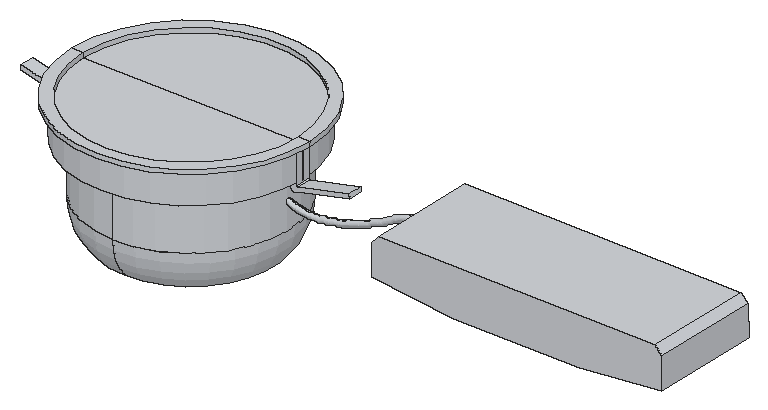
Revit family "EURS_63_LF_FB_Luxspace Mini Recessed DN561B_PHI", category Lighting Fixtures, host Face, Revit 2016
Family settings
  Host = Face
  Part Type = Normal
  Round Connector Dimension = Use Diameter
  Cut with Voids When Loaded = No
  Light Source = No
  Shared = Yes
  Room Calculation Point = No
Parameters (values of type "Type catalog")
  Width = 164 mm
  Voltage (V) = 230 V
  Visibility 2D symbol [instance] = not(Visibility 2D outline)  # yes
  Visibility 2D outline [instance] = no
  Rim height = 3 mm
  Product catalog - URL = "https://www.lighting.philips.com/main/prof/indoor-luminaires/downlights/luxspace-mini-recessed/910503586441_EU/product"
  Order code = "910503586441"
  Light source = 2 mm
  Length = Width  # 164 mm
  Last IES update = "DATE"
  Lamp type = DN561B IES Data : 1xLED8S_830 F
  Installation space height = 90 mm
  Height = 86 mm
  Fixture code = "871829193662600"
  ETIM code URL = "https://prod.etim-international.com/Class/Details?classId=EC002892&classVersion=2"
  ETIM code = "EC002892"
  EOC = "EOC CODE"
  Diameter = Length  # 164 mm
  Wattage Comments = ""
  URL = "http://www.lighting.philips.com/main/home"
  Type Comments = "Recessed"
  Model = "DN561B"
  Manufacturer = "Philips"
  Light loss factor = ""
  Lamp = "LAMP NAME"
  Initial luminous flux (lm) = ""
  Init. Corr. Color Temperature (K) = ""
  Description = "Luxspace Mini Recessed"
  Default Elevation = 0 mm
  Cut out diameter = Length - 10 mm  # 154 mm
  Content version = "1.0"
  Content modified date = "01-04-2020"
  Content creation date = "01-04-2020"
  Content Creator = "https://www.cadac.com/bimcontent"
  Ceiling thickness = 12.5 mm
  BIM Library - URL = "http://www.lighting.philips.com/main/support/support/revit-library#page=1"
  Assembly Code = ""
  Armatuurcode [instance] = ""
  Apparent Load = 18 VA
  12NC = "910503586441"
Reference planes
  plane 1 "Center (Front/Back)": y = 0
  plane 2: z = 0
  plane 3 "Center (Left/Right)": x = 0
  plane 4 "Cadac Group AEC": y = 0
  plane 5 "left": x = -82
  plane 6 "right": x = 82
  plane 7 "front": y = -82
  plane 8 "back": y = 82
  plane 9: z = -83
  plane 10: z = 3
  plane 11: z = -102.5
  plane 12: z = -12.5
  plane 13 "Light source": z = 5
  plane 14: z = -22
Forms (mm)
  Extrusion 1, void
    sketch origin (0, 0, 0) x (1, 0, 0) y (0, 1, 0)
      loop
        circle (0, 0) r 77
    from -102.5 to 0
  Revolve 2, solid
    sketch origin (0, 0, 0) x (1, 0, 0) y (0, 0, 1)
      loop
        line (0, 0) -> (0, 3) -> (-82, 3) -> (-82, 0) -> (-77, 0) -> (-77, -22) -> (0, -22) -> (0, 0)
      axis (0, 3) -> (0, -22)
    angle from 0 to 360
  Extrusion 3, solid
    sketch origin (0, 0, 0) x (1, 0, 0) y (0, 0, 1)
      loop
        line (-77, 0) -> (-77, -23.494)
        arc (-77, -23.494) -> (-77.299, -23.76) -> (-77.565, -24.059) r 3.47
        line (-77.565, -24.059) -> (-112.668, -16.035) -> (-113.337, -18.96) -> (-77.347, -27.186)
        arc (-77.347, -27.186) -> (-73.646, -27.178) -> (-74, -23.494) r 2.503
        line (-74, -23.494) -> (-74, 0) -> (-77, 0)
    from -5 to 5
  Extrusion 4, solid
    sketch origin (0, 0, 0) x (-1, 0, 0) y (0, 0, -1)
      loop
        line (-77, 0) -> (-74, 0) -> (-74, 23.494)
        arc (-74, 23.494) -> (-73.646, 27.178) -> (-77.347, 27.186) r 2.503
        line (-77.347, 27.186) -> (-113.337, 18.96) -> (-112.668, 16.035) -> (-77.565, 24.059)
        arc (-77.565, 24.059) -> (-77.299, 23.76) -> (-77, 23.494) r 3.47
        line (-77, 23.494) -> (-77, 0)
    from -5 to 5
  Revolve 5, void
    sketch origin (0, 0, 0) x (1, 0, 0) y (0, 0, 1)
      loop
        line (-74, 0) -> (0, 0) -> (0, 3) -> (-74, 3) -> (-74, 0)
      axis (0, 0) -> (0, 3)
    angle from 0 to 360
  Extrusion 6, solid
    sketch origin (0, 0, -9) x (1, 0, 0) y (0, 0, 1)
      loop
        line (154, -8.5) -> (154, -29.522) -> (210.881, -35.5) -> (297.129, -35.5) -> (354.011, -29.522) -> (354.011, -8.5) -> (349.011, -3.5) -> (159, -3.5) -> (154, -8.5)
    from 37.1 to -37.1
  Sweep 7, solid
    path origin (0, 0, -1.875) x (1, 0, 0) y (0, 0, 1)
      loop
        spline (30, -9) -> (47.93, -25.096) -> (62.517, -34.774) -> (74.586, -39.463) -> (84.961, -40.592) -> (94.465, -39.587) -> (103.789, -37.67) -> (113, -35.09) -> (121.984, -31.82) -> (130.628, -27.834) -> (138.843, -23.36) -> (146.627, -19.61) -> (154, -18.028)
    profile origin (103.789, 0, -39.545) x (-0.234913, 0, 0.972016) y (0, -1, 0)
      loop
        circle (0, 0) r 2
  Revolve 8, solid
    sketch origin (0, 0, 0) x (0, 1, 0) y (0, 0, 1)
      loop
        line (67, -27) -> (62, -27) -> (62, -22) -> (0, -22) -> (0, -83) -> (57, -83)
        arc (57, -83) -> (64.414, -70.928) -> (67, -57) r 38.8
        line (67, -57) -> (67, -27)
      axis (0, -22) -> (0, -83)
    angle from 0 to 360
Cuts and joins
  Revolve 5 cuts Revolve 2
Dimensions and locks
  equal spacing: plane 8 "back", plane 1 "Center (Front/Back)", plane 7 "front"
  "Width": plane 7 "front" to plane 8 "back"
  "Height": plane 9 to plane 10
  "Rim height": host face to plane 10
  "Ceiling thickness": plane 12 to plane 2
  equal spacing: plane 5 "left", plane 3 "Center (Left/Right)", plane 6 "right"
  "Length": plane 5 "left" to plane 6 "right"
  "Installation space height": plane 12 to plane 11
  "Light source": plane 13 "Light source" to plane 10
  plane 14 to plane 10 = 25 mm
  "Cut out diameter": diameter of Extrusion 1 sketch curve
  aligned and locked: plane 2 to host face
  aligned and locked: level to host face
  aligned and locked: plane 4 "Cadac Group AEC" to plane 1 "Center (Front/Back)"
  aligned and locked: plane 11 to Extrusion 1
  aligned and locked: Revolve 2 sketch curve to plane 10
  aligned and locked: Revolve 2 sketch curve to plane 5 "left"
  aligned and locked: cut or joined group of Revolve 2, Revolve 5 to plane 14
  aligned and locked: Revolve 8 to plane 9
  aligned and locked: plane 14 to Revolve 8
Automatic sketch dimensions
  host sketch curve to host sketch curve = 767.194 mm
  host sketch curve to host sketch curve = 619.519 mm
  plane 12 to Extrusion 3 sketch curve = 6.46 mm
  Extrusion 3 sketch curve to plane 5 "left" = 31.337 mm
  plane 12 to Extrusion 3 sketch curve = 3.535 mm
  Extrusion 3 sketch curve to Extrusion 3 sketch curve = 0.668 mm
  plane 5 "left" to Extrusion 3 sketch curve = 4.435 mm
  Extrusion 3 sketch curve to Extrusion 3 sketch curve = 0.218 mm
  Extrusion 3 sketch curve to Extrusion 3 sketch curve = 0.565 mm
  Extrusion 3 sketch curve to Extrusion 3 sketch curve = 1.847 mm
  Extrusion 3 sketch curve to Extrusion 3 sketch curve = 0.655 mm
  Extrusion 3 sketch curve to Extrusion 3 sketch curve = 3 mm
  Extrusion 3 sketch curve to Extrusion 3 sketch curve = 0.972 mm
  Extrusion 3 sketch curve to Extrusion 3 sketch curve = 0.717 mm
  Extrusion 3 sketch curve to plane 12 = 12.5 mm
  Extrusion 4 sketch curve to plane 12 = 6.46 mm
  plane 6 "right" to Extrusion 4 sketch curve = 31.337 mm
  Extrusion 4 sketch curve to plane 12 = 3.535 mm
  Extrusion 4 sketch curve to Extrusion 4 sketch curve = 0.668 mm
  Extrusion 4 sketch curve to plane 6 "right" = 4.435 mm
  Extrusion 4 sketch curve to Extrusion 4 sketch curve = 0.218 mm
  Extrusion 4 sketch curve to Extrusion 4 sketch curve = 0.565 mm
  Extrusion 4 sketch curve to Extrusion 4 sketch curve = 1.847 mm
  Extrusion 4 sketch curve to Extrusion 4 sketch curve = 0.655 mm
  Extrusion 4 sketch curve to Extrusion 4 sketch curve = 3 mm
  Extrusion 4 sketch curve to Extrusion 4 sketch curve = 0.972 mm
  Extrusion 4 sketch curve to Extrusion 4 sketch curve = 0.717 mm
  plane 12 to Extrusion 4 sketch curve = 12.5 mm
  Revolve 2 sketch curve to level = 0 mm  (x2)
  Revolve 2 sketch curve to plane 3 "Center (Left/Right)" = 0 mm  (x2)
  Revolve 2 sketch curve to plane 9 = 0 mm
  Revolve 2 sketch curve to plane 10 = 0 mm
  plane 5 "left" to Revolve 2 sketch curve = 5 mm
  plane 12 to Revolve 2 sketch curve = 9.5 mm
  Revolve 5 sketch curve to plane 10 = 0 mm  (x2)
  Revolve 5 sketch curve to level = 0 mm  (x2)
  Revolve 5 sketch curve to plane 3 "Center (Left/Right)" = 0 mm  (x2)
  plane 5 "left" to Revolve 5 sketch curve = 8 mm
  Sweep 7 sketch curve to plane 12 = 1.625 mm
  plane 3 "Center (Left/Right)" to Sweep 7 sketch curve = 30 mm
  plane 12 to Sweep 7 sketch curve = 7.403 mm
  Sweep 7 sketch curve to plane 6 "right" = 72 mm
  plane 1 "Center (Front/Back)" to Sweep 7 sketch curve = 0 mm
  Sweep 7 sketch curve to profile plane = 0 mm
  Extrusion 6 sketch curve to plane 12 = 0 mm
  plane 14 to Extrusion 6 sketch curve = 4.5 mm  (x2)
  Extrusion 6 sketch curve to plane 6 "right" = 72 mm
  Extrusion 6 sketch curve to Extrusion 6 sketch curve = 5 mm  (x2)
  Extrusion 6 sketch curve to plane 14 = 22.5 mm
  Extrusion 6 sketch curve to Extrusion 6 sketch curve = 56.881 mm  (x2)
  Extrusion 6 sketch curve to Extrusion 6 sketch curve = 86.248 mm
  Extrusion 6 sketch curve to plane 14 = 16.522 mm  (x2)
  Revolve 8 sketch curve to plane 1 "Center (Front/Back)" = 0 mm  (x2)
  plane 9 to Revolve 8 sketch curve = 0 mm
  Revolve 8 sketch curve to plane 14 = 0 mm
  Revolve 8 sketch curve to plane 8 "back" = 20 mm
  Revolve 8 sketch curve to Revolve 8 sketch curve = 5 mm
  Revolve 8 sketch curve to plane 9 = 26 mm
  Revolve 8 sketch curve to plane 14 = 5 mm
  Revolve 8 sketch curve to plane 8 "back" = 25 mm
  plane 11 to Revolve 8 sketch curve = 9.5 mm
  plane 13 "Light source" to Revolve 8 sketch curve = 3 mm
  plane 1 "Center (Front/Back)" to Extrusion 1 sketch curve = 0 mm
  Extrusion 1 sketch curve to plane 3 "Center (Left/Right)" = 0 mm
  radius of Sweep 7 sketch curve = 2 mm
Nested families
  nested 1: "2D-PL-Rond" at (0, 0, 0), visible <- "Visibility 2D outline", Diameters <- "Length", type "2D symbool"
    with Diameters 164 mm
  nested 2: "2D-PL-Rond + symbool" at (0, 0, 0), visible <- "Visibility 2D symbol", Diameters <- "Length", type "2D symbool"
    with radius 82 mm, Diameters 164 mm
  nested 3: "DN561B IES Data" at (0, 0, 5) x (1, 0, 0) z (0, 0, -1), type <- "Lamp type", type "1xLED8S_830 F"
Connectors
  electrical at (0, 0, 0), driven by "Apparent Load", driven by "Voltage (V)"
    settings: index 1, voltage 230 V, apparent load 0 VA, apparent load phase1 18 VA, apparent load phase2 0 VA, apparent load phase3 0 VA, power factor 1, load classification "Lighting", number of poles 1, system type 31, power factor state 1, is connector primary yes, connector utility no, sub classification motor no, connector description ""
Definition of nested family "2D-PL-Rond"
  Parameters (values of type "2D symbool")
    Diameters [instance] = 250 mm
    Description = "Armatuur symbool"
    Copyright © Cadac = "www.cadac.com/aec"
    Cadac content versie = ""
    Assembly Code = ""
  Reference planes
    plane 1 "Center (Front/Back)": y = 0
    plane 2: z = 0
    plane 3 "Center (Left/Right)": x = 0
  Lines and regions (mm)
    symbolic lines
      curve 1: circle (0, 0, 0) r 125 normal (0, 0, 1)
  Dimensions and locks
    "Diameters": diameter of curve 1
  Automatic sketch dimensions
    plane 1 "Center (Front/Back)" to curve 1 = 0 mm
    curve 1 to plane 3 "Center (Left/Right)" = 0 mm
Definition of nested family "2D-PL-Rond + symbool"
  Parameters (values of type "2D symbool")
    radius [instance] = Diameters / 2  # 125 mm
    Visibility 2D symbol = yes
    Diameters [instance] = 250 mm
    Description = "Armatuur symbool"
    Copyright © Cadac = "www.cadac.com/aec"
    Cadac content versie = ""
    Assembly Code = ""
  Reference planes
    plane 1 "Center (Front/Back)": y = 0
    plane 2: z = 0
    plane 3 "Center (Left/Right)": x = 0
  Lines and regions (mm)
    symbolic lines
      curve 1: circle (0, 0, 0) r 125 normal (0, 0, 1)
  Dimensions and locks
    "Diameters": diameter of curve 1
  Automatic sketch dimensions
    plane 1 "Center (Front/Back)" to curve 1 = 0 mm
    curve 1 to plane 3 "Center (Left/Right)" = 0 mm
  Nested families
    nested 1: "PL-opbouwarmatuur plafond rond" at (0, 0, 0), radius cirkel <- "radius", visible <- "Visibility 2D symbol", type "PL lichtpunt"
      with radius cirkel 125 mm, lengte symbool 162.5 mm, l1 140 mm, breedte symbool 150 mm, b1 52.5 mm
  Definition of nested family "PL-opbouwarmatuur plafond rond"
    Parameters (values of type "PL lichtpunt")
      radius cirkel [instance] = 200 mm
      lengte symbool [instance] = 162.5 mm
      l1 [instance] = 140 mm
      breedte symbool [instance] = radius cirkel + 25 mm  # 225 mm
      b1 [instance] = 52.5 mm
      Diameters = 74 mm
      Description = "PL lichtpunt"
      Copyright © Cadac = "www.cadac.com/aec"
      Cadac content versie = "4.0"  # constant formula
      Assembly Code = ""
    Reference planes
      plane 1 "Center (Front/Back)": y = 0
      plane 2: z = 0
      plane 3 "Center (Left/Right)": x = 0
      plane 4: y = 112.5
      plane 5: y = -112.5
    Lines and regions (mm)
      symbolic lines
        curve 1: circle (0, 0, 0) r 200 normal (0, 0, 1)
        curve 2: line (-165.359, 112.5, 0) -> (165.359, -112.5, 0)
        curve 3: line (-165.359, -112.5, 0) -> (165.359, 112.5, 0)
    Dimensions and locks
      equal spacing: plane 4, plane 1 "Center (Front/Back)", plane 5
      "breedte symbool": plane 4 to plane 5
      "radius cirkel": radius of curve 1
      aligned and locked: plane 4 to curve 2
      aligned and locked: plane 4 to curve 3
      aligned and locked: plane 5 to curve 3
      aligned and locked: plane 5 to curve 2
    Automatic sketch dimensions
      plane 1 "Center (Front/Back)" to curve 1 = 0 mm
      curve 1 to plane 3 "Center (Left/Right)" = 0 mm
Definition of nested family "DN561B IES Data"
  Parameters (values of type "1xLED8S_840 WR")
    Wattage = 8 W
    built-in parameter 1150110 = 1 (stored number, unit not read)
    built-in parameter 1114217 = 1 (stored number, unit not read)
    Tilt Angle = 90.00°
    built-in parameter 1150109 = 1 (stored number, unit not read)
    built-in parameter 1150134 = 12
    built-in parameter 1150113 = 1 (stored number, unit not read)
    Photometric Web File = "DN561B 1xLED8S_840 WR.ies"
    Model = "DN561B"
    Manufacturer = "Philips"
    built-in parameter 1150105 = 60.479 (stored number, unit not read)
    Lumens = 760 lm
    built-in parameter 1150115 = 1 (stored number, unit not read)
    built-in parameter 1150137 = (empty or 0)
    built-in parameter 1150139 = (empty or 0)
    built-in parameter 1150112 = 1 (stored number, unit not read)
    built-in parameter 1150114 = 1 (stored number, unit not read)
    Lamp = "LED8S/840/-"
    built-in parameter 1150132 = (empty or 0)
    built-in parameter 1150102 = (empty or 0)
    built-in parameter 1150107 = 4000 (stored number, unit not read)
    built-in parameter 1150138 = (empty or 0)
    built-in parameter 1150106 = 0.60479 (stored number, unit not read)
    Emit from Circle Diameter = 125 mm
    Emit Shape Visible in Rendering = no
    built-in parameter 1150104 = 8.8258 (stored number, unit not read)
    Dimming Lamp Color Temperature Shift = (empty or 0)
    Description = ""
    Default Elevation = 0 mm
    Content Creator = "https://www.cadac.com/bimcontent"
    Color Filter = 16777215
    built-in parameter 1114218 = 1 (stored number, unit not read)
    built-in parameter 1150133 = 10 (stored number, unit not read)
    Apparent Load = 8 VA
  Types (30, lengths in mm): name | Wattage | built-in parameter 1150134 | Photometric Web File | built-in parameter 1150105 | Lumens | Lamp | built-in parameter 1150107 | built-in parameter 1150106 | built-in parameter 1150104 | Apparent Load
    1xLED8S_840 WR | 8 W | 12 | "DN561B 1xLED8S_840 WR.ies" | 60.479 (stored number, unit not read) | 760 lm | "LED8S/840/-" | 4000 (stored number, unit not read) | 0.60479 (stored number, unit not read) | 8.8258 (stored number, unit not read) | 8 VA
    1xLED8S_840 M | 8 W | 12 | "DN561B 1xLED8S_840 M.ies" | 50.93 (stored number, unit not read) | 640 lm | "LED8S/840/-" | 4000 (stored number, unit not read) | 0.5093 (stored number, unit not read) | 7.4322 (stored number, unit not read) | 8 VA
    1xLED8S_840 F | 8 W | 12 | "DN561B 1xLED8S_840 F.ies" | 62.07 (stored number, unit not read) | 780 lm | "LED8S/840/-" | 4000 (stored number, unit not read) | 0.6207 (stored number, unit not read) | 9.058 (stored number, unit not read) | 8 VA
    1xLED8S_840 C | 8 W | 12 | "DN561B 1xLED8S_840 C.ies" | 62.07 (stored number, unit not read) | 780 lm | "LED8S/840/-" | 4000 (stored number, unit not read) | 0.6207 (stored number, unit not read) | 9.058 (stored number, unit not read) | 8 VA
    1xLED8S_830 WR | 8 W | (empty or 0) | "DN561B 1xLED8S_830 WR.ies" | 60.479 (stored number, unit not read) | 760 lm | "LED8S/830/-" | 3000 (stored number, unit not read) | 0.60479 (stored number, unit not read) | 8.8258 (stored number, unit not read) | 8 VA
    1xLED8S_830 M | 8 W | (empty or 0) | "DN561B 1xLED8S_830 M.ies" | 50.93 (stored number, unit not read) | 640 lm | "LED8S/830/-" | 3000 (stored number, unit not read) | 0.5093 (stored number, unit not read) | 7.4322 (stored number, unit not read) | 8 VA
    1xLED8S_830 F | 8 W | (empty or 0) | "DN561B 1xLED8S_830 F.ies" | 62.07 (stored number, unit not read) | 780 lm | "LED8S/830/-" | 3000 (stored number, unit not read) | 0.6207 (stored number, unit not read) | 9.058 (stored number, unit not read) | 8 VA
    1xLED8S_830 C | 8 W | (empty or 0) | "DN561B 1xLED8S_830 C.ies" | 62.07 (stored number, unit not read) | 780 lm | "LED8S/830/-" | 3000 (stored number, unit not read) | 0.6207 (stored number, unit not read) | 9.058 (stored number, unit not read) | 8 VA
    1xLED12S_930 WR | 11.2 W | (empty or 0) | "DN561B 1xLED12S_930 WR.ies" | 71.62 (stored number, unit not read) | 900 lm | "LED12S/930/-" | 3000 (stored number, unit not read) | 0.7162 (stored number, unit not read) | 7.4654 (stored number, unit not read) | 11.2 VA
    1xLED12S_930 WR PGO | 11.2 W | (empty or 0) | "DN561B 1xLED12S_930 WR PGO.ies" | 58.887 (stored number, unit not read) | 740 lm | "LED12S/930/-" | 3000 (stored number, unit not read) | 0.58887 (stored number, unit not read) | 6.1382 (stored number, unit not read) | 11.2 VA
    1xLED12S_930 WR PG | 11.2 W | (empty or 0) | "DN561B 1xLED12S_930 WR PG.ies" | 68.437 (stored number, unit not read) | 860 lm | "LED12S/930/-" | 3000 (stored number, unit not read) | 0.68437 (stored number, unit not read) | 7.1336 (stored number, unit not read) | 11.2 VA
    1xLED12S_930 M | 11.2 W | (empty or 0) | "DN561B 1xLED12S_930 M.ies" | 62.07 (stored number, unit not read) | 780 lm | "LED12S/930/-" | 3000 (stored number, unit not read) | 0.6207 (stored number, unit not read) | 6.47 (stored number, unit not read) | 11.2 VA
    1xLED12S_930 M PGO | 11.2 W | (empty or 0) | "DN561B 1xLED12S_930 M PGO.ies" | 44.563 (stored number, unit not read) | 560 lm | "LED12S/930/-" | 3000 (stored number, unit not read) | 0.44563 (stored number, unit not read) | 4.6452 (stored number, unit not read) | 11.2 VA
    1xLED12S_930 M PG | 11.2 W | (empty or 0) | "DN561B 1xLED12S_930 M PG.ies" | 58.887 (stored number, unit not read) | 740 lm | "LED12S/930/-" | 3000 (stored number, unit not read) | 0.58887 (stored number, unit not read) | 6.1382 (stored number, unit not read) | 11.2 VA
    1xLED12S_930 F | 11.2 W | (empty or 0) | "DN561B 1xLED12S_930 F.ies" | 74.803 (stored number, unit not read) | 940 lm | "LED12S/930/-" | 3000 (stored number, unit not read) | 0.74803 (stored number, unit not read) | 7.7972 (stored number, unit not read) | 11.2 VA
    1xLED12S_930 F PGO | 11.2 W | (empty or 0) | "DN561B 1xLED12S_930 F PGO.ies" | 62.07 (stored number, unit not read) | 780 lm | "LED12S/930/-" | 3000 (stored number, unit not read) | 0.6207 (stored number, unit not read) | 6.47 (stored number, unit not read) | 11.2 VA
    1xLED12S_930 F PG | 11.2 W | (empty or 0) | "DN561B 1xLED12S_930 F PG.ies" | 71.62 (stored number, unit not read) | 900 lm | "LED12S/930/-" | 3000 (stored number, unit not read) | 0.7162 (stored number, unit not read) | 7.4654 (stored number, unit not read) | 11.2 VA
    1xLED12S_930 C | 11.2 W | (empty or 0) | "DN561B 1xLED12S_930 C.ies" | 74.803 (stored number, unit not read) | 940 lm | "LED12S/930/-" | 3000 (stored number, unit not read) | 0.74803 (stored number, unit not read) | 7.7972 (stored number, unit not read) | 11.2 VA
    1xLED12S_930 C PGO | 11.2 W | (empty or 0) | "DN561B 1xLED12S_930 C PGO.ies" | 62.07 (stored number, unit not read) | 780 lm | "LED12S/930/-" | 3000 (stored number, unit not read) | 0.6207 (stored number, unit not read) | 6.47 (stored number, unit not read) | 11.2 VA
    1xLED12S_930 C PG | 11.2 W | (empty or 0) | "DN561B 1xLED12S_930 C PG.ies" | 71.62 (stored number, unit not read) | 900 lm | "LED12S/930/-" | 3000 (stored number, unit not read) | 0.7162 (stored number, unit not read) | 7.4654 (stored number, unit not read) | 11.2 VA
    1xLED12S_840 WR | 11.2 W | 12 | "DN561B 1xLED12S_840 WR.ies" | 87.535 (stored number, unit not read) | 1100 lm | "LED12S/840/-" | 4000 (stored number, unit not read) | 0.87535 (stored number, unit not read) | 9.1244 (stored number, unit not read) | 11.2 VA
    1xLED12S_840 M | 11.2 W | 12 | "DN561B 1xLED12S_840 M.ies" | 76.394 (stored number, unit not read) | 960 lm | "LED12S/840/-" | 4000 (stored number, unit not read) | 0.76394 (stored number, unit not read) | 7.9631 (stored number, unit not read) | 11.2 VA
    1xLED12S_840 F | 11.2 W | 12 | "DN561B 1xLED12S_840 F.ies" | 91.514 (stored number, unit not read) | 1150 lm | "LED12S/840/-" | 4000 (stored number, unit not read) | 0.91514 (stored number, unit not read) | 9.5392 (stored number, unit not read) | 11.2 VA
    1xLED12S_840 C | 11.2 W | 12 | "DN561B 1xLED12S_840 C.ies" | 91.514 (stored number, unit not read) | 1150 lm | "LED12S/840/-" | 4000 (stored number, unit not read) | 0.91514 (stored number, unit not read) | 9.5392 (stored number, unit not read) | 11.2 VA
    1xLED12S_830 WR | 11.2 W | (empty or 0) | "DN561B 1xLED12S_830 WR.ies" | 87.535 (stored number, unit not read) | 1100 lm | "LED12S/830/-" | 3000 (stored number, unit not read) | 0.87535 (stored number, unit not read) | 9.1244 (stored number, unit not read) | 11.2 VA
    1xLED12S_830 M | 11.2 W | (empty or 0) | "DN561B 1xLED12S_830 M.ies" | 76.394 (stored number, unit not read) | 960 lm | "LED12S/830/-" | 3000 (stored number, unit not read) | 0.76394 (stored number, unit not read) | 7.9631 (stored number, unit not read) | 11.2 VA
    1xLED12S_830 F | 11.2 W | (empty or 0) | "DN561B 1xLED12S_830 F.ies" | 91.514 (stored number, unit not read) | 1150 lm | "LED12S/830/-" | 3000 (stored number, unit not read) | 0.91514 (stored number, unit not read) | 9.5392 (stored number, unit not read) | 11.2 VA
    1xLED12S_830 F PG | 11.2 W | (empty or 0) | "DN561B 1xLED12S_830 F PG.ies" | 87.535 (stored number, unit not read) | 1100 lm | "LED12S/830/-" | 3000 (stored number, unit not read) | 0.87535 (stored number, unit not read) | 9.1244 (stored number, unit not read) | 11.2 VA
    1xLED12S_830 C | 11.2 W | (empty or 0) | "DN561B 1xLED12S_830 C.ies" | 91.514 (stored number, unit not read) | 1150 lm | "LED12S/830/-" | 3000 (stored number, unit not read) | 0.91514 (stored number, unit not read) | 9.5392 (stored number, unit not read) | 11.2 VA
    1xLED12S_830 C PG | 11.2 W | (empty or 0) | "DN561B 1xLED12S_830 C PG.ies" | 87.535 (stored number, unit not read) | 1100 lm | "LED12S/830/-" | 3000 (stored number, unit not read) | 0.87535 (stored number, unit not read) | 9.1244 (stored number, unit not read) | 11.2 VA
  Reference planes
    plane 1 "Center (Front/Back)": y = 0
    plane 2: z = 0
    plane 3 "Center (Left/Right)": x = 0
  Forms (mm)
    Extrusion 1, solid
      sketch origin (0, 0, 0) x (1, 0, 0) y (0, 1, 0)
        loop
          line (-1219.2, 1219.2) -> (-1219.2, -1219.2) -> (1219.2, -1219.2) -> (1219.2, 1219.2) -> (-1219.2, 1219.2)
      from 0 to 123.942
  Dimensions and locks
    aligned and locked: plane 2 to Extrusion 1
    aligned and locked: level to Extrusion 1
